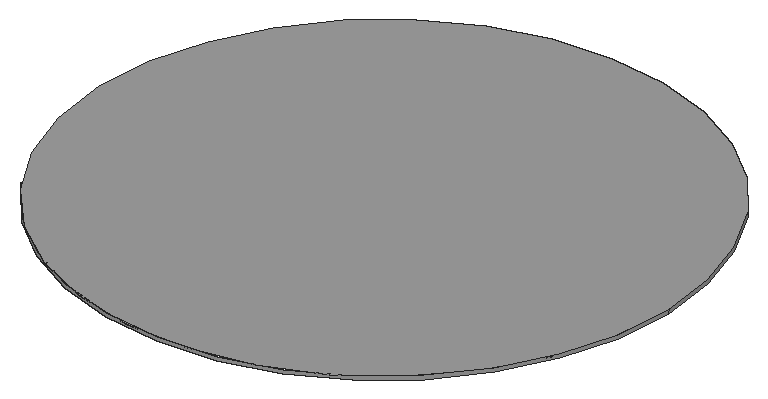
Revit family "Sh-2003-14-44s", category Lighting Fixtures, Revit 2017
Family settings
  Round Connector Dimension = Use Diameter
  Part Type = Normal
  OmniClass Number = 23.80.70.00
  OmniClass Title = Lighting
  Work Plane-Based = No
  Always vertical = Yes
  Cut with Voids When Loaded = No
  Light Source = No
  Shared = No
  Room Calculation Point = No
Parameters (values of type "SH-2003-14-44s(Black body-6500K-GU10)")
  website = "www.shoaco.com"
  wattage. = 7 W  # constant formula
  instalation = "inground"
  consumption current = 0.06 A  # constant formula
  color temperature = "6500K"
  color rendering index(CRI) = "80"
  Voltage/Frequency = "230V-50HZ"
  URL = "https://www.shoaco.com/fa/product/%DA%86%D8%B1%D8%A7%D8%BA-%D9%87%D8%A7%DB%8C-%D8%AF%D9%81%D9%86%DB%8C/457-%DA%86%D8%B1%D8%A7%D8%BA-%D8%AF%D9%81%D9%86%DB%8C-SH-2003-14-44S.html"
  Type medule = "SMD"
  Protection Class = "Class I"
  Model = "SH-2003-14-44S"
  Manufacturer = "SHOA"
  Lamp = "GU10"
  IP = "IP65"
  Height = 14.2632 cm
  Flicker = "FREE Flicker"
  Diameter = 10.9985 cm
  Cutting Diameter = 7.9985 cm
  Body color = Black
  Body Material = "Aluminium"
Types (3, lengths in cm): name | color temperature | Flicker
  (no name) | "6500K" | "FREE Flicker"
  SH-2003-14-44s(Black body-3000K-GU10) | "3000K" | "Free flicker"
  SH-2003-14-44s(Black body-6500K-GU10) | "6500K" | "FREE Flicker"
Reference planes (cm)
  plane 1 "Light Source Axis (F/B)": y = 0
  plane 2: z = 0
  plane 3 "Light Source Axis (L/R)": x = 0
  plane 4 "Light Source Elevation": z = 0
  plane 5: z = -12.06
  plane 6: x = -5.4985
  plane 7: x = 5.5
  plane 8: z = 2.2032
  plane 9: x = 4
  plane 10: x = -3.9985
Forms (cm)
  Extrusion 1, solid, material "light"
    sketch origin (0, 0, 0.467) x (1, 0, 0) y (0, 1, 0)
      loop
        circle (0.066, 0) r 3
    from 0 to 0.0381
Dimensions and locks (cm)
  "Diameter": plane 7 to plane 6
  "Height": plane 8 to plane 5
  "Cutting Diameter": plane 9 to plane 10
  aligned and locked: level to plane 2
Automatic sketch dimensions
  plane 1 "Light Source Axis (F/B)" to Extrusion 1 sketch curve = 0.0 cm
  plane 3 "Light Source Axis (L/R)" to Extrusion 1 sketch curve = 0.066 cm
  radius of Extrusion 1 sketch curve = 3.0 cm
Connectors (cm)
  electrical at (0, 0, 0.0024)
    settings: on free form element, index 1, voltage 230 V, apparent load 0 VA, apparent load phase1 0 VA, apparent load phase2 0 VA, apparent load phase3 0 VA, power factor 1, load classification "Other", number of poles 1, system type 31, power factor state 1, is connector primary yes, connector utility no, sub classification motor no, connector description ""
